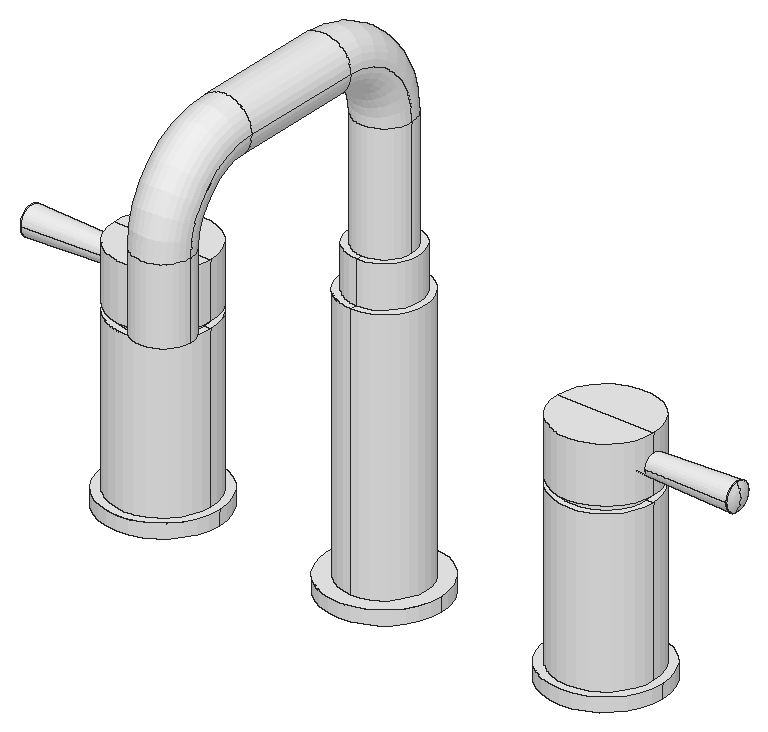
Revit family "Faucet-Two_Handle-American_Standard-Serin-2064.801", category Plumbing Fixtures, Revit 2014
Parameters (values of type "2064.801")
  Width = 2 1/16"  # constant formula
  Waste Connection = no
  Warranty Information = "Limited Lifetime Function and Finish Warranty"  # constant formula
  WFU = 2  # constant formula
  Vent Connection = no
  URL = "http://www.americanstandard-us.com"
  Specification = "Two-handle widespread lavatory faucet shall feature cast brass valve bodies with flexible hose connections for 6in to 12in installations. Shall also feature 1/4 turn washerless ceramic disc valve cartridges. Shall also feature a metal drain body with stainless steel cable actuation. "  # constant formula
  Revised Date = "12/06/2017"  # constant formula
  Product Page URL = "https://www.americanstandard-us.com/bathroom/bathroom-sink-faucets/serin-2-handle-8-inch-widespread-high-arc-bathroom-faucet-17740"
  Product Documentation Link = "https://www.americanstandard-us.com/-/media/sites/asus/files/product-specs/bathroom-sink-faucets/2017/serin-widespread-bathroom-faucet-2064801/specsheet-2064801.pdf?la=en"
  Price = "Prices may vary. Please consult Manufacturer Representative for most up-to-date price list."  # constant formula
  Model = "2064.801"
  Material = "Brass-American Standard-002-Polished Chrome"  # constant formula
  Manufacturer = "American Standard"  # constant formula
  Length = 8"
  Installation Type = "Deck Mounted"  # constant formula
  Hot Water Connection Diameter = 1/2"  # constant formula
  Height = 9 5/8"  # constant formula
  HWFU = 1.5  # constant formula
  HW Connection = yes
  Flow Rate = 1.5 GPM  # constant formula
  Finish = Brass-American Standard-002-Polished Chrome
  Description = "Serin Two-Handle Widespread Lavatory Faucet with Brass Spout."  # constant formula
  Default Elevation = 0"
  Creation Date = "25/02/2014"  # constant formula
  Cold Water Connection Diameter = 1/2"  # constant formula
  CWFU = 1.5  # constant formula
  CW Connection = yes
  Assembly Code = "D2020300"
  ADA Compliant = yes
Reference planes (in)
  plane 1 "Center (Front/Back)": y = 0
  plane 2: z = 0
  plane 3 "Center (Left/Right)": x = 0
  plane 4: z = 9.625
  plane 5: z = 6.375
  plane 6: y = -5.5
  plane 7: x = -1.03125
  plane 8: x = 1.03125
  plane 9: x = -4
  plane 10: y = -1.03125
  plane 11: y = 1.03125
  plane 12: x = 4
  plane 13: x = -3.125
  plane 14: x = -3.25
  plane 15: x = -4.56938
  plane 16: x = -6.375
  plane 17: x = 4.875
  plane 18: x = 4.75
  plane 19: x = 4.56938
  plane 20: x = 6.375
Forms (in)
  Extrusion 1, solid, material "Brass-American Standard-002-Polished Chrome" <- "Finish"
    sketch origin (0, 0, 0) x (1, 0, 0) y (0, 1, 0)
      loop
        circle (0, 0) r 1.03125
    from 0 to 0.25
  Extrusion 2, solid, material "Brass-American Standard-002-Polished Chrome" <- "Finish"
    sketch origin (-4, 0, 0) x (1, 0, 0) y (0, 1, 0)
      loop
        circle (0, 0) r 1.03125
    from 0 to 0.25
  Extrusion 3, solid, material "Brass-American Standard-002-Polished Chrome" <- "Finish"
    sketch origin (4, 0, 0) x (-1, 0, 0) y (0, -1, 0)
      loop
        circle (0, 0) r 1.03125
    from 0 to 0.25
  Revolve 4, solid, material "Brass-American Standard-002-Polished Chrome" <- "Finish"
    sketch origin (0, 0, 0) x (0, 1, 0) y (0, 0, 1)
      loop
        line (0, 0.25) -> (0, 4.875) -> (0, 5.625) -> (-0.625, 5.625) -> (-0.625, 4.875) -> (-0.75, 4.875) -> (-0.75, 0.25) -> (0, 0.25)
      axis (0, 5.625) -> (0, 0.25)
    angle from 0 to 360
  Revolve 5, solid, material "Brass-American Standard-002-Polished Chrome" <- "Finish"
    sketch origin (-4, 0, 0) x (-1, 0, 0) y (0, 0, 1)
      loop
        line (0, 0.25) -> (0, 4.25) -> (-0.875, 4.25) -> (-0.875, 3.25) -> (-0.75, 3.25) -> (-0.75, 3.125) -> (-0.875, 3.125) -> (-0.875, 0.25) -> (0, 0.25)
      axis (0, 4.25) -> (0, 0.25)
    angle from 0 to 360
  Revolve 6, solid, material "Brass-American Standard-002-Polished Chrome" <- "Finish"
    sketch origin (4, 0, 0) x (-1, 0, 0) y (0, 0, -1)
      loop
        line (0, -0.25) -> (-0.875, -0.25) -> (-0.875, -3.125) -> (-0.75, -3.125) -> (-0.75, -3.25) -> (-0.875, -3.25) -> (-0.875, -4.25) -> (0, -4.25) -> (0, -0.25)
      axis (0, -4.25) -> (0, -0.25)
    angle from 0 to 360
  Sweep 7, solid, material "Brass-American Standard-002-Polished Chrome" <- "Finish"
    path origin (0, 0, 0) x (0, 1, 0) y (0, 0, 1)
      loop
        line (0.5, 5.625) -> (0.5, 7.74236)
        arc (0.5, 7.74236) -> (-0.05141, 9.07359) -> (-1.38264, 9.625) r 1.88264
        line (-1.38264, 9.625) -> (-3.61736, 9.625)
        arc (-3.61736, 9.625) -> (-4.94859, 9.07359) -> (-5.5, 7.74236) r 1.88264
        line (-5.5, 7.74236) -> (-5.5, 6.375)
    profile origin (0, 0.5, 5.625) x (0, -1, 0) y (1, 0, 0)
      loop
        circle (0.5, 0) r 0.5
  Blend 8, solid, material "Brass-American Standard-002-Polished Chrome" <- "Finish"
    base sketch origin (0, 0, 0) x (0, 1, 0) y (0, 0, 1)
      loop
        circle (0, 3.75) r 0.25
    top sketch origin (0, 0, 0) x (0, 1, 0) y (0, 0, 1)
      loop
        circle (0, 3.75) r 0.1875
    from -6.375 to -4.56938
  Revolve 9, solid, material "Brass-American Standard-002-Polished Chrome" <- "Finish"
    sketch origin (0, 0, 0) x (1, 0, 0) y (0, 0, 1)
      loop
        line (-6.375, 3.75) -> (-6.375, 4)
        arc (-6.375, 4) -> (-6.41665, 3.8776) -> (-6.4375, 3.75) r 0.77961
        line (-6.4375, 3.75) -> (-6.375, 3.75)
      axis (-6.375, 3.75) -> (-6.4375, 3.75)
    angle from 0 to 360
  Blend 10, solid, material "Brass-American Standard-002-Polished Chrome" <- "Finish"
    base sketch origin (0, 0, 0) x (0, 1, 0) y (0, 0, -1)
      loop
        circle (0, -3.75) r 0.25
    top sketch origin (0, 0, 0) x (0, 1, 0) y (0, 0, -1)
      loop
        circle (0, -3.75) r 0.1875
    from -6.375 to -4.56938
  Revolve 11, solid, material "Brass-American Standard-002-Polished Chrome" <- "Finish"
    sketch origin (0, 0, 0) x (-1, 0, 0) y (0, 0, -1)
      loop
        line (-6.375, -3.75) -> (-6.4375, -3.75)
        arc (-6.4375, -3.75) -> (-6.41665, -3.8776) -> (-6.375, -4) r 0.77961
        line (-6.375, -4) -> (-6.375, -3.75)
      axis (-6.375, -3.75) -> (-6.4375, -3.75)
    angle from 0 to 360
Cuts and joins
  joined: Extrusion 1, Extrusion 2, Extrusion 3, Revolve 4, Revolve 5, Sweep 7, Blend 8
Lines and regions (in)
  Masking region 1
    outline origin (0, 0, 0) x (1, 0, 0) y (0, 1, 0)
      loop
        arc (-5.0112, -0.20237) -> (-2.96875, 0) -> (-5.0112, 0.20237) r 1.03125
        line (-5.0112, 0.20237) -> (-6.375, 0.25)
        arc (-6.375, 0.25) -> (-6.43855, 0) -> (-6.375, -0.25) r 0.52353
        line (-6.375, -0.25) -> (-5.0112, -0.20237)
      loop
        arc (0.5, -0.90193) -> (0, 1.03125) -> (-0.5, -0.90193) r 1.03125
        line (-0.5, -0.90193) -> (-0.5, -5)
        arc (-0.5, -5) -> (0, -5.5) -> (0.5, -5) r 0.5
        line (0.5, -5) -> (0.5, -0.90193)
      loop
        line (5.0112, -0.20237) -> (6.375, -0.25)
        arc (6.375, -0.25) -> (6.43855, 0) -> (6.375, 0.25) r 0.52353
        line (6.375, 0.25) -> (5.0112, 0.20237)
        arc (5.0112, 0.20237) -> (2.96875, 0) -> (5.0112, -0.20237) r 1.03125
  symbolic lines, detail levels medium+fine
    curve 1: circle (-4, 0, 0) r 0.875 normal (0, 0, -1)
    curve 2: line (-5.0112, 0.20237, 0) -> (-4.85128, 0.20237, 0)
    curve 3: line (-5.0112, -0.20237, 0) -> (-4.85257, -0.19684, 0)
    curve 4: circle (4, 0, 0) r 0.875 normal (0, 0, 1)
    curve 5: line (5.0112, 0.20237, 0) -> (4.85257, 0.19684, 0)
    curve 6: line (5.0112, -0.20237, 0) -> (4.85257, -0.19684, 0)
    curve 9: arc (-0.5, 0, 0) -> (0, 0.5, 0) -> (0.5, 0, 0) r 0.5
    curve 10: line (-0.5, 0, 0) -> (-0.5, -0.90193, 0)
    curve 11: line (0.5, 0, 0) -> (0.5, -0.90193, 0)
  symbolic lines, detail levels fine
    curve 7: arc (-0.5, -0.55902, 0) -> (0, 0.75, 0) -> (0.5, -0.55902, 0) r 0.75
    curve 8: arc (-0.5, -0.375, 0) -> (0, 0.625, 0) -> (0.5, -0.375, 0) r 0.625
Dimensions and locks (in)
  plane 5 to level = 6 3/8"
  "Height": plane 4 to level
  plane 7 to plane 8 = 2 1/16"
  "Width": plane 11 to plane 10
  locked: plane 14 to plane 9 at 0.75
  locked: plane 13 to plane 9 at 0.875
  locked: plane 15 to plane 9 at 0.56938
  locked: plane 16 to plane 9 at 2.375
  locked: plane 18 to plane 12 at 0.75
  locked: plane 17 to plane 12 at 0.875
  locked: plane 12 to plane 19 at 0.56938
  locked: plane 12 to plane 20 at 2.375
  equal spacing: plane 9, plane 3 "Center (Left/Right)", plane 12
  "Length": plane 9 to plane 12
  aligned and locked: Revolve 5 sketch curve to plane 13  (x2)
  aligned and locked: Revolve 5 sketch curve to plane 14
  aligned and locked: Revolve 5 sketch curve to plane 9
  aligned and locked: cut or joined group of Extrusion 1, Extrusion 2, Extrusion 3, Revolve 4, Revolve 5, Sweep 7, Blend 8 to plane 15
  aligned and locked: plane 16 to cut or joined group of Extrusion 1, Extrusion 2, Extrusion 3, Revolve 4, Revolve 5, Sweep 7, Blend 8
  aligned and locked: Revolve 6 sketch curve to plane 17  (x2)
  aligned and locked: Revolve 6 sketch curve to plane 18
  aligned and locked: plane 12 to Revolve 6 sketch curve
  aligned and locked: plane 12 to Extrusion 3 sketch curve
  aligned and locked: plane 19 to Blend 10
  aligned and locked: plane 20 to Revolve 11
  aligned and locked: Blend 10 to plane 20
Automatic sketch dimensions
  plane 1 "Center (Front/Back)" to Extrusion 1 sketch curve = 0"
  Extrusion 1 sketch curve to plane 3 "Center (Left/Right)" = 0"
  plane 1 "Center (Front/Back)" to Extrusion 2 sketch curve = 0"
  Extrusion 2 sketch curve to plane 9 = 0"
  plane 1 "Center (Front/Back)" to Extrusion 3 sketch curve = 0"
  Revolve 4 sketch curve to plane 1 "Center (Front/Back)" = 0"  (x2)
  Revolve 4 sketch curve to plane 10 = 13/32"
  Revolve 4 sketch curve to Revolve 4 sketch curve = 1/8"
  level to Revolve 4 sketch curve = 1/4"
  Revolve 4 sketch curve to plane 5 = 1 1/2"
  Revolve 4 sketch curve to Revolve 4 sketch curve = 0"  (x2)
  Revolve 4 sketch curve to plane 5 = 3/4"
  Revolve 4 sketch curve to level = 0.14774"
  plane 9 to Revolve 5 sketch curve = 0"
  level to Revolve 5 sketch curve = 1/4"
  Revolve 5 sketch curve to Revolve 5 sketch curve = 2 7/8"
  Revolve 5 sketch curve to Revolve 5 sketch curve = 1/8"
  Revolve 5 sketch curve to Revolve 5 sketch curve = 1"
  Revolve 5 sketch curve to Revolve 5 sketch curve = 0"
  Revolve 5 sketch curve to level = 0.38744"
  Revolve 6 sketch curve to plane 12 = 0"
  Revolve 6 sketch curve to plane 5 = 2 1/8"
  Revolve 6 sketch curve to Revolve 6 sketch curve = 1"
  Revolve 6 sketch curve to Revolve 6 sketch curve = 1/8"
  level to Revolve 6 sketch curve = 1/4"
  Revolve 6 sketch curve to Revolve 6 sketch curve = 0"
  Revolve 6 sketch curve to level = 0.38744"
  Sweep 7 sketch curve to plane 6 = 0"
  Sweep 7 sketch curve to plane 4 = 0"
  Sweep 7 sketch curve to plane 5 = 0"
  Sweep 7 sketch curve to plane 6 = 1.88264"
  plane 10 to Sweep 7 sketch curve = 0.35139"
  Sweep 7 sketch curve to plane 1 "Center (Front/Back)" = 1/2"
  Sweep 7 sketch curve to plane 5 = 3/4"
  Sweep 7 sketch curve to profile plane = 0"
  Sweep 7 sketch curve to profile plane = 1/2"
  Blend 8 sketch curve to plane 1 "Center (Front/Back)" = 0"  (x2)
  Blend 8 sketch curve to plane 5 = 2 5/8"  (x2)
  plane 16 to Revolve 9 sketch curve = 0"
  plane 16 to Revolve 9 sketch curve = 1/16"
  Revolve 9 sketch curve to plane 16 = 0.71468"
  Revolve 9 sketch curve to plane 5 = 2.68648"
  Revolve 9 sketch curve to Revolve 9 sketch curve = 0.06148"
  Revolve 9 sketch curve to Revolve 9 sketch curve = 0.02005"
  Revolve 9 sketch curve to Revolve 9 sketch curve = 0.0865"
  Revolve 9 sketch curve to Revolve 9 sketch curve = 0"
  Masking region 1 sketch curve to plane 16 = 0"  (x2)
  plane 1 "Center (Front/Back)" to Masking region 1 sketch curve = 0"  (x5)
  Masking region 1 sketch curve to plane 9 = 0"
  Masking region 1 sketch curve to plane 3 "Center (Left/Right)" = 0"  (x2)
  Masking region 1 sketch curve to plane 12 = 0"
  Masking region 1 sketch curve to plane 16 = 0.45998"
  Masking region 1 sketch curve to plane 1 "Center (Front/Back)" = 0.20237"  (x2)
  plane 15 to Masking region 1 sketch curve = 0.44181"
  plane 1 "Center (Front/Back)" to Masking region 1 sketch curve = 0.20237"  (x2)
  Masking region 1 sketch curve to Masking region 1 sketch curve = 1/2"
  plane 12 to Masking region 1 sketch curve = 1.0112"
  Masking region 1 sketch curve to Masking region 1 sketch curve = 0.90382"
  plane 1 "Center (Front/Back)" to Masking region 1 sketch curve = 1/4"  (x2)
  Masking region 1 sketch curve to Masking region 1 sketch curve = 0.45998"
  Masking region 1 sketch curve to plane 1 "Center (Front/Back)" = 1/4"
  Masking region 1 sketch curve to plane 10 = 0.12932"
  Masking region 1 sketch curve to plane 6 = 1/2"
  Blend 10 sketch curve to plane 1 "Center (Front/Back)" = 0"  (x2)
  Blend 10 sketch curve to plane 5 = 2 5/8"  (x2)
  plane 12 to Revolve 11 sketch curve = 2 7/16"
  Revolve 11 sketch curve to Revolve 11 sketch curve = 1/16"
  Revolve 11 sketch curve to Revolve 11 sketch curve = 0.71468"
  Revolve 11 sketch curve to plane 5 = 2 3/8"
  Revolve 11 sketch curve to Revolve 11 sketch curve = 1/4"
  Revolve 11 sketch curve to Revolve 11 sketch curve = 0.02005"
  Revolve 11 sketch curve to Revolve 11 sketch curve = 0.0865"
  Revolve 11 sketch curve to Revolve 11 sketch curve = 0"
  curve 7 to curve 8 = 0"  (x2)
  curve 7 to curve 9 = 0"  (x2)
  plane 1 "Center (Front/Back)" to curve 1 = 0"
  curve 1 to plane 9 = 0"
  plane 1 "Center (Front/Back)" to curve 10 = 0"
  curve 7 to plane 3 "Center (Left/Right)" = 0"
  plane 1 "Center (Front/Back)" to curve 4 = 0"
  curve 4 to plane 12 = 0"
  curve 10 to curve 7 = 1/2"
  plane 15 to curve 2 = 0.28189"
  plane 1 "Center (Front/Back)" to curve 3 = 0.20237"
  curve 3 to curve 3 = 0.15862"
  curve 2 to curve 2 = 0.15992"
  curve 6 to plane 19 = 0.28319"
  curve 5 to plane 1 "Center (Front/Back)" = 0.19684"
  curve 5 to plane 19 = 0.28319"
  plane 1 "Center (Front/Back)" to curve 6 = 0.20237"
  curve 6 to curve 6 = 0.15862"
  curve 5 to plane 1 "Center (Front/Back)" = 0.20237"
  curve 5 to curve 5 = 0.15862"
  curve 3 to curve 3 = 0.00554"
  curve 8 to curve 9 = 3/8"
  curve 7 to curve 8 = 0.18402"
  curve 11 to plane 10 = 0.12932"
  curve 10 to plane 10 = 0.12932"
  curve 2 to plane 1 "Center (Front/Back)" = 0.20237"
  radius of Extrusion 1 sketch curve = 1 1/32"
  radius of Extrusion 2 sketch curve = 1 1/32"
  radius of Extrusion 3 sketch curve = 1 1/32"
  radius of Sweep 7 sketch curve = 1/2"
  radius of Blend 8 sketch curve = 1/4"
  radius of Blend 8 sketch curve = 3/16"
  radius of Blend 10 sketch curve = 1/4"
  radius of Blend 10 sketch curve = 3/16"
Connectors (in)
  piping at (4, 0, 0), diameter 0.5, driven by "CWFU", driven by "Cold Water Connection Diameter"
    settings: on Extrusion 3, index 1, connector inside diameter 24", connector length 0", flow factor 0, pipe flow 0 GPM, pressure drop 0.00 psi, fitting loss kfactor 0, connector angle 0.00°, fixture units 1.5, engagement length 0", angle of deflection 0.00°, flow configuration 3, flow direction 1, fitting loss method 0, system type 20, joint type 0, gender type 0, connector reference index -1, connector utility 0, adjustable connector no, is connector primary yes, connector description "1/2\" CW Inlet Supply"
  piping at (-4, 0, 0), diameter 0.5, driven by "HWFU", driven by "Hot Water Connection Diameter"
    settings: on Extrusion 2, index 2, connector inside diameter 24", connector length 0", flow factor 0, pipe flow 0 GPM, pressure drop 0.00 psi, fitting loss kfactor 0, connector angle 0.00°, fixture units 1.5, engagement length 0", angle of deflection 0.00°, flow configuration 3, flow direction 1, fitting loss method 0, system type 19, joint type 0, gender type 0, connector reference index -1, connector utility 0, adjustable connector no, is connector primary no, connector description "1/2\" HW Inlet Supply"
